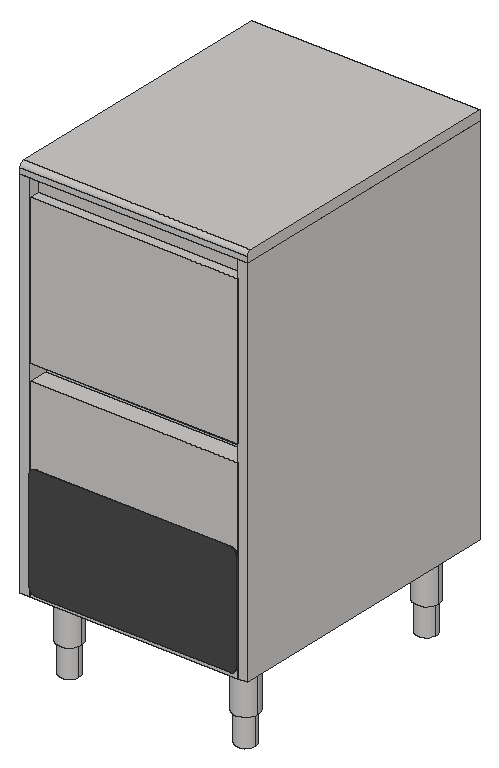
Revit family "QF_ZANUSSI_730320_ICB37I20SDP", category Attrezzature speciali, Revit 2018
Family settings
  Quota connettore circolare = Usa diametro
  Tipo di parte = Normale
  Basato su piano di lavoro = No
  Sempre verticale = Sì
  Taglio con vuoti quando caricato = No
  Condiviso = No
  Punto di calcolo locali = No
Parameters (values of type "Standard")
  Weight = 45.00 kg
  Watts = 1000 W
  Volts = 220 V
  URL Manufacturer = "http://www.zanussiprofessional.com"
  URL = "http://www.zanussiprofessional.com"
  Steam Supply Size = 0 mm
  Steam Supply Minimum Pressure = 0.0 Pa
  Steam Supply Maximum Pressure = 0.0 Pa
  Steam Pounds per Hour = 0
  Show Logo [instance] = yes
  Show Clearance [instance] = yes
  Refrigeration Suction Line Size = 0 mm
  Refrigeration Liquid Line Size = 0 mm
  Refrigerant Compressor Remote = yes
  Produttore = "Zanussi"
  Phase = 1
  Modello = "ICB37I20SDP"
  Length Actual = 465 mm  # constant formula
  Item Number = "730320"
  Hot Water Size = 0 mm
  Height Actual = 894 mm  # constant formula
  HP = "1.3 HP"
  Gas Size = 0 mm
  Gas KW = 0
  Gas Input Pressure = 0 W
  Descrizione = "AIR COOLED ICE CUBER 22GR 37KG/24H-BIN 20KG DRAIN PUMP"
  Depth Actual = 595 mm  # constant formula
  Cycle = 50 Hz
  Condensate Return Size = 0 mm
  Compressed Air Volume = 0.0 L/s
  Compressed Air Size = 0 mm
  Compressed Air Pressure = 0.0 Pa
  Cold Water Size = 19.05 mm
  Accessory = yes
Reference planes
  plane 1 "Center X": y = 272.851
  plane 2: z = 0
  plane 3 "Center Y": x = -501.5
  plane 4 "LEFT": x = -734
  plane 5 "RIGHT": x = -269
  plane 6 "FRONT": y = -24.149
  plane 7 "BACK": y = 569.851
  plane 8: z = 155
  plane 9: z = 944
  plane 10: z = 924
  plane 11: x = -714
  plane 12: x = -289
  plane 13: y = 15.851
Forms (mm)
  Extrusion 1, solid, material "QF_Finishes_Black"
    sketch origin (-217.296, -24.149, 371.513) x (-1, 0, 0) y (0, 0, -1)
      loop
        arc (481.704, -21.487) -> (492.311, -17.093) -> (496.704, -6.487) r 15
        line (496.704, -6.487) -> (496.704, 194.469)
        arc (496.704, 194.469) -> (492.311, 205.075) -> (481.704, 209.469) r 15
        line (481.704, 209.469) -> (86.704, 209.469)
        arc (86.704, 209.469) -> (76.097, 205.075) -> (71.704, 194.469) r 15
        line (71.704, 194.469) -> (71.704, -6.487)
        arc (71.704, -6.487) -> (76.097, -17.093) -> (86.704, -21.487) r 15
        line (86.704, -21.487) -> (481.704, -21.487)
    from 0 to 2
  Extrusion 2, solid, material "QF_Finishes_Stainless Steel"
    sketch origin (-501.5, 0, 0) x (0, 1, 0) y (0, 0, 1)
      loop
        line (569.851, 924) -> (569.851, 944) -> (-14.149, 944)
        arc (-14.149, 944) -> (-21.22, 941.071) -> (-24.149, 934) r 10
        line (-24.149, 934) -> (-24.149, 924) -> (569.851, 924)
    from -232.5 to 232.5
  Extrusion 3, solid, material "QF_Finishes_Stainless Steel"
    sketch origin (-321.2, 569.851, -329.545) x (1, 0, 0) y (0, 0, -1)
      loop
        circle (-16.8, -655.545) r 10
    from 0 to 10
  Extrusion 4, solid, material "QF_Finishes_Stainless Steel"
    sketch origin (0, 0, 0) x (1, 0, 0) y (0, 1, 0)
      loop
        line (-734, 569.851) -> (-734, -24.149) -> (-714, -24.149) -> (-714, 569.851) -> (-734, 569.851)
    from 155 to 924
  Extrusion 5, solid, material "QF_Finishes_Stainless Steel"
    sketch origin (0, 0, 0) x (1, 0, 0) y (0, 1, 0)
      loop
        line (-289, 569.851) -> (-289, -24.149) -> (-269, -24.149) -> (-269, 569.851) -> (-289, 569.851)
    from 155 to 924
  Extrusion 6, solid, material "QF_Finishes_Stainless Steel"
    sketch origin (0, 0, 0) x (1, 0, 0) y (0, 1, 0)
      loop
        line (-714, 569.851) -> (-714, 15.851) -> (-289, 15.851) -> (-289, 569.851) -> (-714, 569.851)
    from 155 to 924
  Extrusion 7, solid, material "QF_Finishes_Stainless Steel"
    sketch origin (0, 0, 0) x (1, 0, 0) y (0, 1, 0)
      loop
        line (-714, -24.149) -> (-289, -24.149) -> (-289, 15.851) -> (-714, 15.851) -> (-714, -24.149)
    from 155 to 550.848
  Extrusion 8, solid, material "QF_Finishes_Stainless Steel"
    sketch origin (-501.5, 0, 0) x (0, 1, 0) y (0, 0, 1)
      loop
        line (15.851, 924) -> (-4.149, 924) -> (-4.149, 888) -> (-24.149, 888) -> (-24.149, 584.768) -> (-4.149, 584.768) -> (-4.149, 569) -> (15.851, 569) -> (15.851, 924)
    from -212.5 to 212.5
  Extrusion 9, solid, material "QF_Finishes_Stainless Steel"
    sketch origin (-303.2, 569.851, -440.545) x (1, 0, 0) y (0, 0, -1)
      loop
        circle (-16.8, -655.545) r 10
    from 0 to 10
  Extrusion 10, solid, material "QF_Finishes_Stainless Steel"
    sketch origin (-363.2, 569.851, -361.545) x (1, 0, 0) y (0, 0, -1)
      loop
        circle (-16.8, -655.545) r 10
    from 0 to 10
Lines and regions (mm)
  Split face 1
    outline origin (-501.5, -4.149, 924) x (0, 0, -1) y (1, 0, 0)
      loop
        line (5.715, 89.928) -> (30.715, 89.928) -> (30.715, 129.928) -> (5.715, 129.928) -> (5.715, 89.928)
  symbolic lines
    curve 1: line (-734, 569.851, 0) -> (-269, 569.851, 0)
    curve 2: line (-734, -24.149, 0) -> (-734, 569.851, 0)
    curve 3: line (-269, -24.149, 0) -> (-734, -24.149, 0)
    curve 4: line (-269, 569.851, 0) -> (-269, -24.149, 0)
Dimensions and locks
  equal spacing: plane 4 "LEFT", plane 3 "Center Y", plane 5 "RIGHT"
  plane 4 "LEFT" to plane 5 "RIGHT" = 465 mm
  equal spacing: plane 7 "BACK", plane 1 "Center X", plane 6 "FRONT"
  plane 7 "BACK" to plane 6 "FRONT" = 594 mm
  plane 8 to plane 2 = 155 mm
  plane 9 to plane 8 = 789 mm
  locked: plane 4 "LEFT" to plane 11 at 20
  locked: plane 12 to plane 5 "RIGHT" at 20
  locked: plane 9 to plane 10 at 20
  locked: plane 13 to plane 6 "FRONT" at 40
  aligned and locked: level to plane 2
  aligned and locked: plane 5 "RIGHT" to Extrusion 2
  aligned and locked: Extrusion 2 to plane 4 "LEFT"
  aligned and locked: Extrusion 4 sketch curve to Extrusion 2  (x2)
  aligned and locked: plane 6 "FRONT" to Extrusion 4 sketch curve
  aligned and locked: Extrusion 4 sketch curve to plane 11
  aligned and locked: Extrusion 5 sketch curve to plane 7 "BACK"
  aligned and locked: plane 12 to Extrusion 5 sketch curve
  aligned and locked: Extrusion 5 sketch curve to Extrusion 2  (x2)
  aligned and locked: plane 10 to Extrusion 4
  aligned and locked: plane 10 to Extrusion 5
  aligned and locked: Extrusion 4 to plane 8
  aligned and locked: Extrusion 5 to plane 8
  aligned and locked: Extrusion 6 sketch curve to Extrusion 4
  aligned and locked: Extrusion 4 to Extrusion 6 sketch curve
  aligned and locked: plane 13 to Extrusion 6 sketch curve
  aligned and locked: Extrusion 6 sketch curve to plane 12
  aligned and locked: plane 10 to Extrusion 6
  aligned and locked: Extrusion 6 to plane 8
  aligned and locked: Extrusion 4 to Extrusion 7 sketch curve
  aligned and locked: Extrusion 7 sketch curve to Extrusion 4
  aligned and locked: plane 13 to Extrusion 7 sketch curve
  aligned and locked: plane 12 to Extrusion 7 sketch curve
  aligned and locked: Extrusion 7 to plane 8
  aligned and locked: plane 12 to Extrusion 8
  aligned and locked: Extrusion 8 to plane 11
Automatic sketch dimensions
  curve 3 to plane 4 "LEFT" = 0 mm
  curve 3 to plane 5 "RIGHT" = 0 mm
  curve 3 to plane 6 "FRONT" = 0 mm
  curve 2 to plane 7 "BACK" = 0 mm
  Extrusion 1 sketch curve to plane 12 = 0 mm
  plane 8 to Extrusion 1 sketch curve = 7.044 mm
  Extrusion 1 sketch curve to Extrusion 1 sketch curve = 15 mm  (x3)
  plane 11 to Extrusion 1 sketch curve = 15 mm  (x2)
  Extrusion 1 sketch curve to Extrusion 1 sketch curve = 200.956 mm
  Extrusion 2 sketch curve to plane 6 "FRONT" = 0 mm
  Extrusion 2 sketch curve to plane 9 = 0 mm
  Extrusion 2 sketch curve to plane 7 "BACK" = 0 mm
  Extrusion 2 sketch curve to plane 10 = 0 mm
  plane 6 "FRONT" to Extrusion 2 sketch curve = 10 mm
  Extrusion 6 to Extrusion 3 sketch curve = 171 mm
  Extrusion 3 sketch curve to Extrusion 6 = 49 mm
  Extrusion 8 sketch curve to plane 6 "FRONT" = 0 mm
  Extrusion 8 sketch curve to plane 10 = 0 mm
  Extrusion 8 sketch curve to plane 13 = 0 mm
  plane 6 "FRONT" to Extrusion 8 sketch curve = 20 mm  (x2)
  Extrusion 8 sketch curve to plane 10 = 36 mm
  Extrusion 8 sketch curve to Extrusion 8 sketch curve = 303.232 mm
  Extrusion 8 sketch curve to Extrusion 8 sketch curve = 15.768 mm
  Split face 1 sketch curve to Extrusion 8 = 5.715 mm
  Extrusion 8 to Split face 1 sketch curve = 5.285 mm
  Split face 1 sketch curve to Extrusion 8 = 122.572 mm
  Split face 1 sketch curve to Split face 1 sketch curve = 40 mm
  Extrusion 9 sketch curve to Extrusion 6 = 31 mm
  Extrusion 6 to Extrusion 9 sketch curve = 60 mm
  Extrusion 10 sketch curve to Extrusion 6 = 91 mm
  Extrusion 6 to Extrusion 10 sketch curve = 139 mm
  radius of Extrusion 3 sketch curve = 10 mm
  radius of Extrusion 9 sketch curve = 10 mm
  radius of Extrusion 10 sketch curve = 10 mm
Nested families
  nested 1: "Foot_Complete" at (-682, 36.851, 0), type "Foot_Complete"
    with H 155 mm
  nested 2: "Foot_Complete" at (-321, 36.851, 0) x (-1, 0, 0) z (0, 0, 1), type "Foot_Complete"
    with H 155 mm
  nested 3: "Foot_Complete" at (-682, 498.851, 0), type "Foot_Complete"
    with H 155 mm
  nested 4: "Foot_Complete" at (-321, 498.851, 0) x (-1, 0, 0) z (0, 0, 1), type "Foot_Complete"
    with H 155 mm
Connectors
  electrical at (-320, 579.851, 215), driven by "Volts"
    settings: on Extrusion 9, index 1, voltage 220 V, apparent load 0 VA, apparent load phase1 0 VA, apparent load phase2 0 VA, apparent load phase3 0 VA, power factor 1, load classification "Altro", number of poles 1, system type 30, power factor state 1, is connector primary yes, connector utility no, sub classification motor no, connector description "Electrical Connection"
  piping at (-338, 579.851, 326), diameter 20
    settings: on Extrusion 3, index 2, connector inside diameter 609.6 mm, connector length 0 mm, flow factor 0, pipe flow 0.0 L/s, pressure drop 0.0 Pa, fitting loss kfactor 0, connector angle 0.00°, fixture units 0, engagement length 0 mm, angle of deflection 0.00°, flow configuration 0, flow direction 0, fitting loss method 0, system type 20, joint type 0, gender type 0, connector reference index -1, connector utility 0, adjustable connector no, is connector primary yes, connector description "Cold water"
  piping at (-380, 579.851, 294), diameter 20
    settings: on Extrusion 10, index 3, connector inside diameter 609.6 mm, connector length 0 mm, flow factor 0, pipe flow 0.0 L/s, pressure drop 0.0 Pa, fitting loss kfactor 0, connector angle 0.00°, fixture units 0, engagement length 0 mm, angle of deflection 0.00°, flow configuration 0, flow direction 0, fitting loss method 0, system type 16, joint type 0, gender type 0, connector reference index -1, connector utility 0, adjustable connector no, is connector primary no, connector description "Drain"
Definition of nested family "Foot_Complete"
  Parameters (values of type "Foot_Complete")
    R = 25 mm
    H = 153 mm
  Reference planes
    plane 1 "Centro (Fronte/Retro)": y = 0
    plane 2: z = 0
    plane 3 "Centro (Sinistra/Destra)": x = 0
    plane 4: z = 153
  Forms (mm)
    Revolve 1, solid
      sketch origin (255.05, 0, 608.09) x (0, 0, 1) y (-1, 0, 0)
        loop
          line (-608.09, 255.05) -> (-608.09, 235.05) -> (-548.09, 235.05) -> (-548.09, 230.05) -> (-455.09, 230.05) -> (-455.09, 255.05) -> (-608.09, 255.05)
        axis (-608.09, 255.05) -> (-455.09, 255.05)
      angle from 0 to 360
  Dimensions and locks
    level to Revolve 1 sketch curve = 60 mm
    "R": Revolve 1 sketch curve to plane 3 "Centro (Sinistra/Destra)"
    "H": plane 4 to level
    aligned and locked: level to plane 2
    aligned and locked: plane 4 to Revolve 1 sketch curve
    aligned and locked: Revolve 1 sketch curve to level
    aligned and locked: plane 3 "Centro (Sinistra/Destra)" to Revolve 1 sketch curve
  Automatic sketch dimensions
    Revolve 1 sketch curve to plane 3 "Centro (Sinistra/Destra)" = 0 mm
    plane 3 "Centro (Sinistra/Destra)" to Revolve 1 sketch curve = 20 mm
    Revolve 1 sketch curve to Revolve 1 sketch curve = 50 mm
    Revolve 1 sketch curve to Revolve 1 sketch curve = 20 mm
